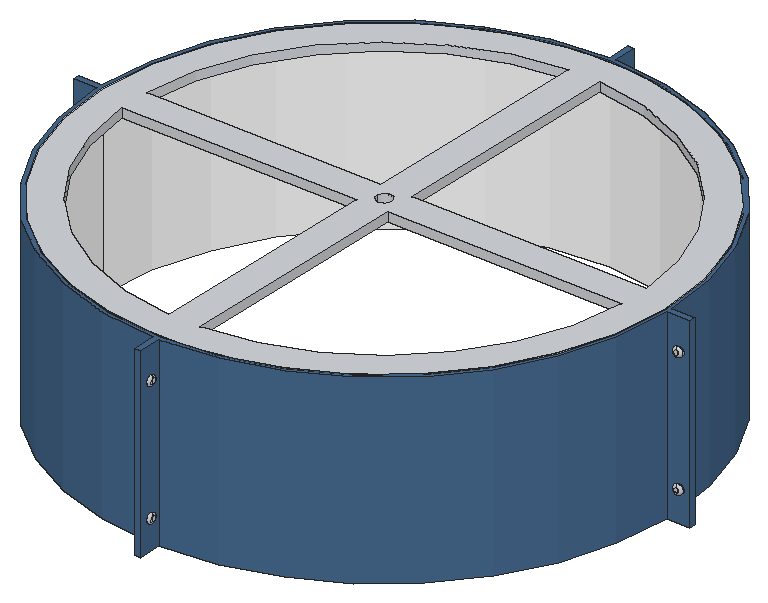
Revit family "CY620", category Lighting Fixtures, Revit 2024
Family settings
  Round Connector Dimension = Use Diameter
  Part Type = Normal
  OmniClass Number = 23.80.70.00
  OmniClass Title = Lighting
  Work Plane-Based = No
  Always vertical = Yes
  Cut with Voids When Loaded = No
  Light Source = No
  Maintain Annotation Orientation = No
  Shared = No
  Room Calculation Point = No
Parameters
  Default Elevation = 0' - 0"
Reference planes (in)
  plane 1 "Light Source Axis (F/B)": y = 0
  plane 2: z = 0
  plane 3 "Light Source Axis (L/R)": x = 0
  plane 4 "Light Source Elevation": z = 54
Forms (in)
  Sweep 1, solid, material "FC", not visible
    path origin (75.968, 0, 0.00093) x (1, 0, 0) y (0, 0, 1)
      loop
        arc (-4.5864, 68.3252) -> (-8.91952, 61.72019) -> (-10.59309, 54) r 21.63816
    profile origin (67.04848, 0, 61.72112) x (0.922209, 0, -0.386691) y (0, -1, 0)
      loop
        circle (0, 0) r 0.03125
  Extrusion 2, solid, material "61", not visible
    sketch origin (21.22004, 0.07031, 3.70715) x (1, 0, 0) y (0, 1, 0)
      loop
        arc (0.70087, 4.42509) -> (0.0002, 4.48026) -> (-0.70003, 4.41981) r 4.27232
        line (-0.70003, 4.41981) -> (-0.65367, 4.12712)
        arc (-0.65367, 4.12712) -> (0, 4.17857) -> (0.65367, 4.12712) r 4.17857
        line (0.65367, 4.12712) -> (0.70087, 4.42509)
    from 66 to 73.80732
  Extrusion 3, solid, material "50"
    sketch origin (-66.09748, -20.95072, 48) x (1, 0, 0) y (0, 1, 0)
      loop
        arc (75.34694, 21.05072) -> (72.63822, 27.49146) -> (66.19748, 30.20018) r 9.25
        line (66.19748, 30.20018) -> (66.19748, 30.95072) -> (65.99748, 30.95072) -> (65.99748, 30.20018)
        arc (65.99748, 30.20018) -> (59.55674, 27.49146) -> (56.84802, 21.05072) r 9.25
        line (56.84802, 21.05072) -> (56.09748, 21.05072) -> (56.09748, 20.85072) -> (56.84802, 20.85072)
        arc (56.84802, 20.85072) -> (59.55674, 14.40998) -> (65.99748, 11.70126) r 9.25
        line (65.99748, 11.70126) -> (65.99748, 10.95072) -> (66.19748, 10.95072) -> (66.19748, 11.70126)
        arc (66.19748, 11.70126) -> (72.63822, 14.40998) -> (75.34694, 20.85072) r 9.25
        line (75.34694, 20.85072) -> (76.09748, 20.85072) -> (76.09748, 21.05072) -> (75.34694, 21.05072)
      loop
        circle (66.09748, 20.95072) r 9.125
    from 6 to 12
  Extrusion 4, solid
    sketch origin (-66.09748, -20.95072, 48) x (1, 0, 0) y (0, 1, 0)
      loop
        arc (74.20708, 21.45072) -> (71.84272, 26.69596) -> (66.59748, 29.06032) r 8.125
        line (66.59748, 29.06032) -> (66.59748, 21.45072) -> (74.20708, 21.45072)
      loop
        line (57.98788, 21.45072) -> (65.59748, 21.45072) -> (65.59748, 29.06032)
        arc (65.59748, 29.06032) -> (60.35224, 26.69596) -> (57.98788, 21.45072) r 8.125
      loop
        arc (57.98788, 20.45072) -> (60.35224, 15.20548) -> (65.59748, 12.84112) r 8.125
        line (65.59748, 12.84112) -> (65.59748, 20.45072) -> (57.98788, 20.45072)
      loop
        arc (66.59748, 12.84112) -> (71.84272, 15.20548) -> (74.20708, 20.45072) r 8.125
        line (74.20708, 20.45072) -> (66.59748, 20.45072) -> (66.59748, 12.84112)
      loop
        circle (66.09748, 20.95072) r 0.25
      loop
        circle (66.09748, 20.95072) r 9.125
    from 11.71505 to 12
  Revolve 5, solid
    sketch origin (0, -9.63679, 0) x (1, 0, 0) y (0, 0, 1)
      loop
        line (0.20218, 59) -> (0.20218, 59.09)
        arc (0.20218, 59.09) -> (0.18461, 59.13243) -> (0.14218, 59.15) r 0.06
        line (0.14218, 59.15) -> (-0.14218, 59.15)
        arc (-0.14218, 59.15) -> (-0.18461, 59.13243) -> (-0.20218, 59.09) r 0.06
        line (-0.20218, 59.09) -> (-0.20218, 59) -> (0.20218, 59)
      axis (0.20218, 59) -> (-0.20218, 59)
    angle from 0 to 360
  Revolve 6, solid
    sketch origin (0, -9.63679, -4) x (1, 0, 0) y (0, 0, 1)
      loop
        line (0.20218, 59) -> (0.20218, 59.09)
        arc (0.20218, 59.09) -> (0.18461, 59.13243) -> (0.14218, 59.15) r 0.06
        line (0.14218, 59.15) -> (-0.14218, 59.15)
        arc (-0.14218, 59.15) -> (-0.18461, 59.13243) -> (-0.20218, 59.09) r 0.06
        line (-0.20218, 59.09) -> (-0.20218, 59) -> (0.20218, 59)
      axis (0.20218, 59) -> (-0.20218, 59)
    angle from 0 to 360
  Revolve 7, solid
    sketch origin (-9.63679, 0, 0) x (0, -1, 0) y (0, 0, 1)
      loop
        line (0.20218, 59) -> (0.20218, 59.09)
        arc (0.20218, 59.09) -> (0.18461, 59.13243) -> (0.14218, 59.15) r 0.06
        line (0.14218, 59.15) -> (-0.14218, 59.15)
        arc (-0.14218, 59.15) -> (-0.18461, 59.13243) -> (-0.20218, 59.09) r 0.06
        line (-0.20218, 59.09) -> (-0.20218, 59) -> (0.20218, 59)
      axis (0.20218, 59) -> (-0.20218, 59)
    angle from 0 to 360
  Revolve 8, solid
    sketch origin (-9.63679, 0, -4) x (0, -1, 0) y (0, 0, 1)
      loop
        line (0.20218, 59) -> (0.20218, 59.09)
        arc (0.20218, 59.09) -> (0.18461, 59.13243) -> (0.14218, 59.15) r 0.06
        line (0.14218, 59.15) -> (-0.14218, 59.15)
        arc (-0.14218, 59.15) -> (-0.18461, 59.13243) -> (-0.20218, 59.09) r 0.06
        line (-0.20218, 59.09) -> (-0.20218, 59) -> (0.20218, 59)
      axis (0.20218, 59) -> (-0.20218, 59)
    angle from 0 to 360
  Revolve 9, solid
    sketch origin (9.63679, 0, 0) x (0, 1, 0) y (0, 0, 1)
      loop
        line (0.20218, 59) -> (0.20218, 59.09)
        arc (0.20218, 59.09) -> (0.18461, 59.13243) -> (0.14218, 59.15) r 0.06
        line (0.14218, 59.15) -> (-0.14218, 59.15)
        arc (-0.14218, 59.15) -> (-0.18461, 59.13243) -> (-0.20218, 59.09) r 0.06
        line (-0.20218, 59.09) -> (-0.20218, 59) -> (0.20218, 59)
      axis (0.20218, 59) -> (-0.20218, 59)
    angle from 0 to 360
  Revolve 10, solid
    sketch origin (9.63679, 0, -4) x (0, 1, 0) y (0, 0, 1)
      loop
        line (0.20218, 59) -> (0.20218, 59.09)
        arc (0.20218, 59.09) -> (0.18461, 59.13243) -> (0.14218, 59.15) r 0.06
        line (0.14218, 59.15) -> (-0.14218, 59.15)
        arc (-0.14218, 59.15) -> (-0.18461, 59.13243) -> (-0.20218, 59.09) r 0.06
        line (-0.20218, 59.09) -> (-0.20218, 59) -> (0.20218, 59)
      axis (0.20218, 59) -> (-0.20218, 59)
    angle from 0 to 360
  Revolve 11, solid
    sketch origin (0, 9.63679, 0) x (-1, 0, 0) y (0, 0, 1)
      loop
        line (0.20218, 59) -> (0.20218, 59.09)
        arc (0.20218, 59.09) -> (0.18461, 59.13243) -> (0.14218, 59.15) r 0.06
        line (0.14218, 59.15) -> (-0.14218, 59.15)
        arc (-0.14218, 59.15) -> (-0.18461, 59.13243) -> (-0.20218, 59.09) r 0.06
        line (-0.20218, 59.09) -> (-0.20218, 59) -> (0.20218, 59)
      axis (0.20218, 59) -> (-0.20218, 59)
    angle from 0 to 360
  Revolve 12, solid
    sketch origin (0, 9.63679, -4) x (-1, 0, 0) y (0, 0, 1)
      loop
        line (0.20218, 59) -> (0.20218, 59.09)
        arc (0.20218, 59.09) -> (0.18461, 59.13243) -> (0.14218, 59.15) r 0.06
        line (0.14218, 59.15) -> (-0.14218, 59.15)
        arc (-0.14218, 59.15) -> (-0.18461, 59.13243) -> (-0.20218, 59.09) r 0.06
        line (-0.20218, 59.09) -> (-0.20218, 59) -> (0.20218, 59)
      axis (0.20218, 59) -> (-0.20218, 59)
    angle from 0 to 360
Dimensions and locks (in)
  aligned and locked: level to plane 2
